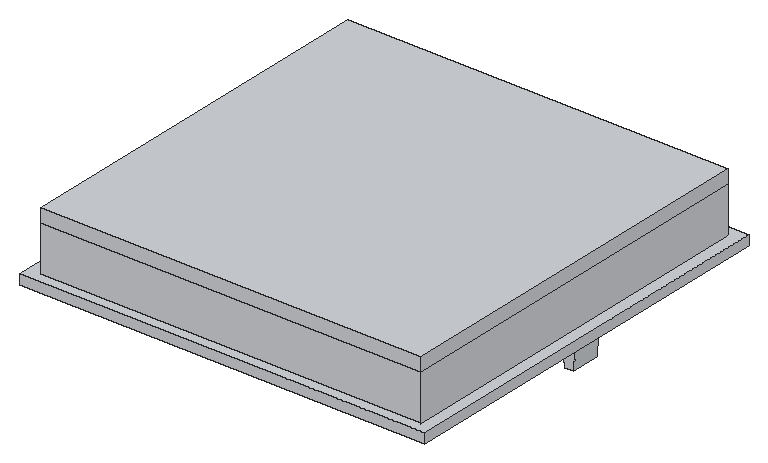
Revit family "Gira_029666", category Electrical Fixtures, host Face, Revit 2017
Family settings
  Host = Face
  Maintain Annotation Orientation = No
  Round Connector Dimension = Use Diameter
  Part Type = Normal
  Cut with Voids When Loaded = No
  Shared = No
  Room Calculation Point = No
Parameters (values of type "Wippe Gira TX_44 (WG UP) Reinweiß")
  Werkstoffgüte = "sonstige"
  Werkstoff = "Kunststoff"
  Verwendung = "Schalter/Taster"
  URL = "http://katalog.gira.de/de_DE/datenblatt.html?artikelnr=029666"
  Region = "DE"
  Oberfläche = "sonstige"
  Name = "Wippe Gira TX_44 (WG UP) Reinweiß"
  Mit austauschbarer Linse/Symbol = "No"
  Mit Beschriftungsfeld = "No"
  Manufacturer URL = "https://www.gira.de/"
  Kontrollfenster/Lichtauslass = "No"
  Keynote = "TX44_Abdeckung_Schalten und Tasten"
  HeinzeBIM = "https://bimportal.heinze.de/bim/wippe-gira-tx-44-wg-up-reinweiss/96884288a12fe3c619e298d44d81db3a44b4049d"
  Halogenfrei = "Yes"
  HAN = "029666"
  Geeignet für Schutzart (IP) = "IP44"
  Geeignet für Bussystem-Tasterankopplung = "Yes"
  GTIN = "4010337296669"
  Farbe = "weiß"
  Default Elevation = 1219.2 mm
  Data sheet (1) = "https://katalog.gira.de/de_DE/download.html?artikelnr=029666"
  Category = "Abdeckung/Bedienelement für Installationsschalterprogramme"
  Befestigungsart = "Klemmbefestigung"
  Available = "Yes"
  Ausführung = "einteilige Wippe"
  Aufdruck/Kennzeichnung = "ohne Aufdruck"
  Abtastbares Symbol/barrierefrei = "No"
Reference planes
  plane 1 "Center (Front/Back)": y = 0
  plane 2: z = 0
  plane 3 "Center (Left/Right)": x = 0
Forms (mm)
  Extrusion 1, solid, detail levels fine
    sketch origin (0, 0, 0) x (1, 0, 0) y (0, 1, 0)
      loop
        line (34.85, 34.85) -> (-34.85, 34.85) -> (-34.85, -34.85) -> (34.85, -34.85) -> (34.85, 34.85)
      loop
        line (-31.45, 31.8) -> (-31.45, -31.8) -> (31.45, -31.8) -> (31.45, 31.8) -> (-31.45, 31.8)
    from 0 to 1.7
  Extrusion 2, solid, detail levels fine
    sketch origin (0, 0, 0) x (1, 0, 0) y (0, 1, 0)
      loop
        line (32.8, 33.05) -> (-32.8, 33.05) -> (-32.8, -33.05) -> (32.8, -33.05) -> (32.8, 33.05)
      loop
        line (-31.45, 31.8) -> (-31.45, -31.8) -> (31.45, -31.8) -> (31.45, 31.8) -> (-31.45, 31.8)
    from 1.566 to 9.515
  Extrusion 3, solid, detail levels fine
    sketch origin (0, 0, 0) x (1, 0, 0) y (0, 1, 0)
      loop
        line (32.8, 33.05) -> (-32.8, 33.05) -> (-32.8, -33.05) -> (32.8, -33.05) -> (32.8, 33.05)
    from 9.515 to 11.816
  Extrusion 4, solid, detail levels fine
    sketch origin (0, 0, 0) x (1, 0, 0) y (0, 0, 1)
      loop
        line (-32.815, 0) -> (-34.827, 0) -> (-34.611, -3.084) -> (-33.031, -3.084) -> (-32.815, 0)
      loop
        line (32.815, 0) -> (33.031, -3.084) -> (34.611, -3.084) -> (34.827, 0) -> (32.815, 0)
    from -2.513 to 2.5
  Extrusion 5, solid, detail levels fine
    sketch origin (0, 0, 0) x (1, 0, 0) y (0, 1, 0)
      loop
        spline (-23.686, 23.152) -> (-23.856, 23.114) -> (-24.022, 23.062) -> (-24.184, 22.995) -> (-24.338, 22.915) -> (-24.486, 22.821) -> (-24.624, 22.715) -> (-24.753, 22.597) -> (-24.87, 22.468) -> (-24.977, 22.33) -> (-25.07, 22.183) -> (-25.151, 22.028) -> (-25.218, 21.867)
        line (-25.218, 21.867) -> (-29.35, 10.513) -> (-29.35, -10.487) -> (-25.218, -21.841)
        spline (-25.218, -21.841) -> (-25.151, -22.002) -> (-25.07, -22.156) -> (-24.977, -22.304) -> (-24.87, -22.442) -> (-24.753, -22.571) -> (-24.624, -22.688) -> (-24.486, -22.795) -> (-24.338, -22.888) -> (-24.184, -22.969) -> (-24.022, -23.036) -> (-23.856, -23.088) -> (-23.686, -23.126)
        line (-23.686, -23.126) -> (0, -27.302) -> (23.686, -23.126)
        spline (23.686, -23.126) -> (23.856, -23.088) -> (24.022, -23.036) -> (24.184, -22.969) -> (24.338, -22.888) -> (24.486, -22.795) -> (24.624, -22.688) -> (24.753, -22.571) -> (24.87, -22.442) -> (24.977, -22.304) -> (25.07, -22.156) -> (25.151, -22.002) -> (25.218, -21.841)
        line (25.218, -21.841) -> (29.35, -10.487) -> (29.35, 10.513) -> (25.218, 21.867)
        spline (25.218, 21.867) -> (25.151, 22.028) -> (25.07, 22.183) -> (24.977, 22.33) -> (24.87, 22.468) -> (24.753, 22.597) -> (24.624, 22.715) -> (24.486, 22.821) -> (24.338, 22.915) -> (24.184, 22.995) -> (24.022, 23.062) -> (23.856, 23.114) -> (23.686, 23.152)
        line (23.686, 23.152) -> (0, 27.328) -> (-23.686, 23.152)
      loop
        line (-24.278, 21.525) -> (-28.35, 10.337) -> (-28.35, -10.311) -> (-24.278, -21.498)
        spline (-24.278, -21.498) -> (-24.245, -21.579) -> (-24.204, -21.656) -> (-24.157, -21.73) -> (-24.104, -21.799) -> (-24.045, -21.863) -> (-23.981, -21.922) -> (-23.912, -21.976) -> (-23.838, -22.022) -> (-23.761, -22.063) -> (-23.68, -22.096) -> (-23.597, -22.122) -> (-23.512, -22.141)
        line (-23.512, -22.141) -> (0, -26.287) -> (23.512, -22.141)
        spline (23.512, -22.141) -> (23.597, -22.122) -> (23.68, -22.096) -> (23.761, -22.063) -> (23.838, -22.022) -> (23.912, -21.976) -> (23.981, -21.922) -> (24.045, -21.863) -> (24.104, -21.799) -> (24.157, -21.73) -> (24.204, -21.656) -> (24.245, -21.579) -> (24.278, -21.498)
        line (24.278, -21.498) -> (28.35, -10.311) -> (28.35, 10.337) -> (24.278, 21.525)
        spline (24.278, 21.525) -> (24.245, 21.605) -> (24.204, 21.683) -> (24.157, 21.756) -> (24.104, 21.825) -> (24.045, 21.89) -> (23.981, 21.949) -> (23.912, 22.002) -> (23.838, 22.048) -> (23.761, 22.089) -> (23.68, 22.122) -> (23.597, 22.148) -> (23.512, 22.167)
        line (23.512, 22.167) -> (0, 26.313) -> (-23.512, 22.167)
        spline (-23.512, 22.167) -> (-23.597, 22.148) -> (-23.68, 22.122) -> (-23.761, 22.089) -> (-23.838, 22.048) -> (-23.912, 22.002) -> (-23.981, 21.949) -> (-24.045, 21.89) -> (-24.104, 21.825) -> (-24.157, 21.756) -> (-24.204, 21.683) -> (-24.245, 21.605) -> (-24.278, 21.525)
    from 4.866 to 9.515
  Extrusion 6, solid, detail levels fine
    sketch origin (0, 0, 0) x (1, 0, 0) y (0, 1, 0)
      loop
        arc (0, 8.51) -> (-1.055, 8.223) -> (-1.717, 7.352) r 1.7
        line (-1.717, 7.352) -> (-2.205, 5.894) -> (-2.205, 4.213) -> (-4.36, 4.213)
        arc (-4.36, 4.213) -> (-4.865, 4.091) -> (-5.257, 3.75) r 1.1
        arc (-5.257, 3.75) -> (-6.02, 2.328) -> (-6.406, 0.761) r 6.45
        arc (-6.406, 0.761) -> (-6.7, 0.013) -> (-6.406, -0.735) r 1.1
        arc (-6.406, -0.735) -> (-6.02, -2.302) -> (-5.257, -3.724) r 6.45
        arc (-5.257, -3.724) -> (-4.865, -4.064) -> (-4.36, -4.187) r 1.1
        line (-4.36, -4.187) -> (-2.1, -4.187) -> (-2.1, -5.243)
        arc (-2.1, -5.243) -> (-1.847, -5.944) -> (-1.206, -6.323) r 1.1
        arc (-1.206, -6.323) -> (0, -6.437) -> (1.206, -6.323) r 6.45
        arc (1.206, -6.323) -> (1.847, -5.944) -> (2.1, -5.243) r 1.1
        line (2.1, -5.243) -> (2.1, -4.187) -> (4.36, -4.187)
        arc (4.36, -4.187) -> (4.865, -4.064) -> (5.257, -3.724) r 1.1
        arc (5.257, -3.724) -> (6.02, -2.302) -> (6.406, -0.735) r 6.45
        arc (6.406, -0.735) -> (6.7, 0.013) -> (6.406, 0.761) r 1.1
        arc (6.406, 0.761) -> (6.02, 2.328) -> (5.257, 3.75) r 6.45
        arc (5.257, 3.75) -> (4.865, 4.091) -> (4.36, 4.213) r 1.1
        line (4.36, 4.213) -> (2.205, 4.213) -> (2.205, 5.894) -> (1.717, 7.352)
        arc (1.717, 7.352) -> (1.055, 8.223) -> (0, 8.51) r 1.7
    from -6.834 to 9.515
  Extrusion 7, solid, detail levels coarse
    sketch origin (0, 0, 0) x (1, 0, 0) y (0, 1, 0)
      loop
        line (34.85, 34.85) -> (-34.85, 34.85) -> (-34.85, -34.85) -> (34.85, -34.85) -> (34.85, 34.85)
    from -6.834 to 11.816
  Extrusion 8, solid, detail levels medium
    sketch origin (0, 0, 0) x (1, 0, 0) y (0, 1, 0)
      loop
        line (32.8, 33.05) -> (-32.8, 33.05) -> (-32.8, -33.05) -> (32.8, -33.05) -> (32.8, 33.05)
    from 1.566 to 11.816
  Extrusion 9, solid, detail levels medium
    sketch origin (0, 0, 0) x (1, 0, 0) y (0, 1, 0)
      loop
        line (34.85, 34.85) -> (-34.85, 34.85) -> (-34.85, -34.85) -> (34.85, -34.85) -> (34.85, 34.85)
    from 0 to 1.7
  Extrusion 10, solid, detail levels medium
    sketch origin (0, 0, 0) x (1, 0, 0) y (0, 1, 0)
      loop
        circle (0, 1.036) r 7.473
    from -6.834 to 9.515
  Extrusion 11, solid, detail levels medium
    sketch origin (0, 0, 0) x (1, 0, 0) y (0, 0, 1)
      loop
        line (-32.815, -3.084) -> (-32.815, 0) -> (-34.827, 0) -> (-34.827, -3.084) -> (-32.815, -3.084)
      loop
        line (32.815, -3.084) -> (34.827, -3.084) -> (34.827, 0) -> (32.815, 0) -> (32.815, -3.084)
    from -2.513 to 2.5
Dimensions and locks
  aligned and locked: plane 2 to host face
  aligned and locked: level to host face
